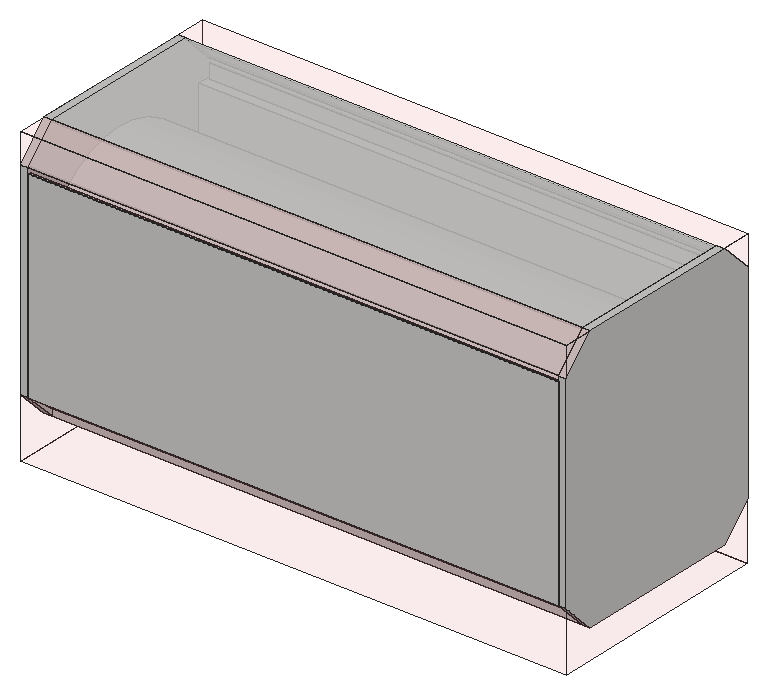
Revit family "Air-Curtain_Climate-Control_PoweredAire_ETD", category Mechanical Equipment, host Face, Revit 2022
Family settings
  Host = Face
  Round Connector Dimension = Use Diameter
  Part Type = Normal
  OmniClass Number = 23.75.35.17.21
  OmniClass Title = Air Curtains
  Cut with Voids When Loaded = No
  Maintain Annotation Orientation = No
  Shared = No
  Room Calculation Point = No
Parameters
  Warranty Duration (Years) = 0
  Unit Width Notes = "Other Widths available."  # constant formula
  Unit Width = 3' - 0"
  Unit Weight = 0
  Unit Height = 1' - 3"
  Unit Depth = 1' - 5 1/2"
  URL = "http://www.poweredaire.com/"
  Test Data = ""
  Temperature Rise_Range = "as Specified"
  Standards Conformance = "as Specified"
  Specification = "http://www.arcat.com/sdspecs/htm04/23_34_33pai.htm"
  SpecWizard = ""
  Sound Pressure = "as Specified"
  Sales Information = "http://www.poweredaire.com/contact_us"
  Revision = "R1_2016-08"
  Projection from Host [instance] = 0' - 2"
  Product Properties = ""
  Product Data = "http://www.arcat.com/arcatcos/cos47/arc47623.html"
  Power Rating = 0 W
  Outlet Volume_Range = "as Specified"
  Outlet Velocity_Range = "as Specified"
  Nozzle Width = if(1 = 1, Unit Width - 0' 1", 0' 0")  # 2' - 11"
  Mounting Width = if(1 = 1, Unit Width - 0' 0 15/16", 0' 0")  # 2' - 11 1/16"
  Mounting Height [instance] = 3' - 6"
  Motor RPM = 0
  Motor HP = 0
  Motor Count = 0
  Model = "As Specified"
  Max Height = 0' - 0"
  Manufacturer Website = "http://www.poweredaire.com/"
  Manufacturer Phone - Toll Free = "888-321-2473"
  Manufacturer Phone = "724-588-3305"
  Manufacturer Fax = "724-588-3371"
  Manufacturer Address = "109 Mortensen Rd.  Greenville, PA 16125"
  Manufacturer = "Powered Aire, Inc"
  Maintenance Schedule (Months) = 0
  Keynote = "23 34 33"
  Installation-Fabrication = ""
  Installation Phase = ""
  Include Clearance [instance] = yes
  Heating Element Load = 0 W
  HVAC_Temperature Rise [instance] = 0 °F
  HVAC_Outlet Volume [instance] = 0 CFM
  HVAC_Outlet Velocity Uniformity = 0
  HVAC_Outlet Velocity [instance] = 0 FPM
  Green Building-LEED = "http://www.arcat.com/green/clients/leed_data_47623.html"
  Front Grating Material [instance] = Metal - Steel - PoweredAire - Stainless 304 Perforated
  Frame Finish [instance] = Metal - Steel - PoweredAire - Stainless 304
  Expected Lifespan (Years) = 0
  Electrical_Wattage [instance] = Power Rating + Heating Element Load  # 0 W
  Electrical_Voltage [instance] = 0 V
  Electrical_Phase [instance] = 1
  Electrical_Frequency [instance] = 0 Hz
  Electrical_Amperage [instance] = 0 A
  Drawn By = "Sumex Design, Inc. / Robert S. Weygant, CSI, CDT, SCIP"
  Description = "Powered Aire Air Curtain as Specified"
  Default Elevation = 0' - 0"  # constant formula
  Copyright = "©Arcat Inc."
  Construction Details = "http://www.arcat.com/details/powair/prod3336.html"
  Clearance_Top [instance] = 0' - 0"
  Clearance_Side B [instance] = 0' - 0"
  Clearance_Side A [instance] = 0' - 0"
  Clearance_Intake [instance] = 0' - 0"
  Clearance_Bottom [instance] = 0' - 0"
  Clearance Material [instance] = ARCAT Clearance
  Building Codes = ""
  Available Options [instance] = "as Specified"
  Assembly Code = "D3090400"
Reference planes (in)
  plane 1 "Center (Elevation)": y = 0.13818
  plane 2: z = 0
  plane 3 "Center (Left/Right)": x = 0
  plane 4: y = 7.63818
  plane 5: y = -7.36182
  plane 6: x = -18
  plane 7: x = 18
  plane 8: z = 19.5
  plane 9 "FF": y = -41.86182
  plane 10: z = 2
  plane 11: x = 17.5
  plane 12: x = -17.5
  plane 13: y = 7.63818
  plane 14: y = -7.36182
  plane 15: x = -18
  plane 16: x = 18
  plane 17: z = 19.5
Forms (in)
  Extrusion 1, solid, material "Metal - Steel - PoweredAire - Stainless 304" <- "Frame Finish"
    sketch origin (0, 0, 0) x (0, 1, 0) y (0, 0, 1)
      loop
        line (5.69363, 2) -> (7.63818, 3.94454) -> (7.63818, 17.55546) -> (5.69363, 19.5) -> (-5.41728, 19.5) -> (-7.36182, 17.55546) -> (-7.36182, 3.94454) -> (-5.41728, 2) -> (5.69363, 2)
    from 17.5 to 18
  Extrusion 2, solid, material "Metal - Steel - PoweredAire - Stainless 304" <- "Frame Finish"
    sketch origin (0, 0, -0.5) x (0, 1, 0) y (0, 0, 1)
      loop
        circle (0.13818, 10.9739) r 6.25
      loop
        line (6.63818, 16.89427) -> (6.63818, 5.87829) -> (7.33849, 5.87829) -> (7.33849, 16.89427) -> (6.63818, 16.89427)
      loop
        line (-7.02798, 16.76927) -> (-7.02798, 5.75329) -> (-6.36182, 5.75329) -> (-6.36182, 16.76927) -> (-7.02798, 16.76927)
    from -17.5 to 17.5
  Extrusion 3, solid, material "Metal - Steel - PoweredAire - Stainless 304" <- "Frame Finish"
    sketch origin (0, 0, 0) x (0, 1, 0) y (0, 0, -1)
      loop
        line (5.69363, -2) -> (-5.41728, -2) -> (-7.36182, -3.94454) -> (-7.36182, -17.55546) -> (-5.41728, -19.5) -> (5.69363, -19.5) -> (7.63818, -17.55546) -> (7.63818, -3.94454) -> (5.69363, -2)
    from 17.5 to 18
  Extrusion 4, solid, material "Metal - Steel - PoweredAire - Stainless 304" <- "Frame Finish"
    sketch origin (0, 0, 0) x (0, 1, 0) y (0, 0, 1)
      loop
        line (-5.41728, 2) -> (5.69363, 2) -> (7.63818, 3.94454) -> (7.63818, 17.19454) -> (7.51318, 17.19454) -> (7.51318, 3.99632) -> (5.64186, 2.125) -> (-5.29228, 2.125) -> (-5.29228, 4.06954) -> (-7.23682, 4.06954) -> (-7.23682, 17.19454) -> (-7.36182, 17.19454) -> (-7.36182, 3.94454) -> (-5.41728, 3.94454) -> (-5.41728, 2)
      loop
        line (-6.64819, 3.61034) -> (-5.8702, 2.83235) -> (-5.74472, 2.95783) -> (-6.52271, 3.73583) -> (-6.64819, 3.61034)
    from -17.5 to 17.5
  Extrusion 5, solid, material "Metal - Steel - PoweredAire - Stainless 304 Perforated" <- "Front Grating Material"
    sketch origin (0, 0, 0) x (0, 1, 0) y (0, 0, 1)
      loop
        line (-7.36182, 17.19454) -> (-7.23682, 17.19454) -> (-7.23682, 17.50368) -> (-5.3655, 19.375) -> (5.64186, 19.375) -> (7.51318, 17.50368) -> (7.51318, 17.19454) -> (7.63818, 17.19454) -> (7.63818, 17.55546) -> (5.69363, 19.5) -> (-5.41728, 19.5) -> (-7.36182, 17.55546) -> (-7.36182, 17.19454)
    from -17.5 to 17.5
  Extrusion 6, solid, material "ARCAT Clearance" <- "Clearance Material", visible <- "Include Clearance"
    sketch origin (0, 0, 0) x (0, 1, 0) y (0, 0, 1)
      loop
        line (-7.36182, 19.5) -> (-7.36182, 0) -> (7.63818, 0) -> (7.63818, 19.5) -> (-7.36182, 19.5)
    from -18 to 18
Dimensions and locks (in)
  equal spacing: plane 4, plane 1 "Center (Elevation)", plane 5
  "Unit Height": plane 4 to plane 5
  equal spacing: plane 6, plane 3 "Center (Left/Right)", plane 7
  "Unit Width": plane 6 to plane 7
  "Mounting Height": plane 1 "Center (Elevation)" to plane 9 "FF"
  "Projection from Host": plane 10 to level
  "Unit Depth": plane 8 to plane 10
  locked: plane 6 to plane 12 at 0.5
  locked: plane 11 to plane 7 at 0.5
  "Clearance_Side A": plane 7 to plane 16
  "Clearance_Side B": plane 15 to plane 6
  "Clearance_Top": plane 13 to plane 4
  "Clearance_Bottom": plane 5 to plane 14
  "Clearance_Intake": plane 17 to plane 8
  aligned and locked: plane 2 to host face
  aligned and locked: level to host face
  aligned and locked: plane 7 to Extrusion 1
  aligned and locked: Extrusion 1 to plane 11
  aligned and locked: plane 12 to Extrusion 3
  aligned and locked: Extrusion 3 to plane 6
  aligned and locked: Extrusion 2 to plane 12
  aligned and locked: plane 11 to Extrusion 2
  aligned and locked: plane 11 to Extrusion 4
  aligned and locked: Extrusion 4 to plane 12
  aligned and locked: plane 11 to Extrusion 5
  aligned and locked: Extrusion 5 to plane 12
  aligned and locked: Extrusion 6 sketch curve to plane 17
  aligned and locked: plane 14 to Extrusion 6 sketch curve
  aligned and locked: level to Extrusion 6 sketch curve
  aligned and locked: Extrusion 6 sketch curve to plane 13
  aligned and locked: plane 16 to Extrusion 6
  aligned and locked: Extrusion 6 to plane 15
Automatic sketch dimensions
  host sketch curve to host sketch curve = 8' - 0"  (x2)
  Extrusion 1 sketch curve to plane 5 = 0' - 0"
  Extrusion 1 sketch curve to plane 8 = 0' - 0"
  Extrusion 1 sketch curve to plane 10 = 0' - 0"
  Extrusion 1 sketch curve to plane 4 = 0' - 0"
  plane 5 to Extrusion 1 sketch curve = 0' - 1.94454"  (x2)
  Extrusion 1 sketch curve to plane 4 = 0' - 1.94454"  (x2)
  plane 10 to Extrusion 1 sketch curve = 0' - 1.94454"  (x2)
  Extrusion 1 sketch curve to plane 8 = 0' - 1.94454"  (x2)
  Extrusion 2 sketch curve to plane 1 "Center (Elevation)" = 0' - 0"
  plane 5 to Extrusion 2 sketch curve = 0' - 1"
  plane 5 to Extrusion 2 sketch curve = 0' - 0.33384"
  Extrusion 2 sketch curve to plane 4 = 0' - 1"
  Extrusion 2 sketch curve to plane 4 = 0' - 0.29969"
  plane 10 to Extrusion 2 sketch curve = 0' - 3.37829"
  plane 10 to Extrusion 2 sketch curve = 0' - 3.25329"
  Extrusion 2 sketch curve to plane 8 = 0' - 9.0261"
  Extrusion 2 sketch curve to plane 8 = 0' - 3.23073"
  Extrusion 2 sketch curve to plane 8 = 0' - 3.10573"
  Extrusion 3 sketch curve to plane 5 = 0' - 0"
  Extrusion 3 sketch curve to plane 8 = 0' - 0"
  Extrusion 3 sketch curve to plane 10 = 0' - 0"
  Extrusion 3 sketch curve to plane 4 = 0' - 0"
  plane 5 to Extrusion 3 sketch curve = 0' - 1.94454"  (x2)
  Extrusion 3 sketch curve to plane 4 = 0' - 1.94454"  (x2)
  Extrusion 3 sketch curve to plane 8 = 0' - 1.94454"  (x2)
  plane 10 to Extrusion 3 sketch curve = 0' - 1.94454"  (x2)
  Extrusion 4 sketch curve to plane 5 = 0' - 0"
  Extrusion 4 sketch curve to plane 10 = 0' - 0"
  Extrusion 4 sketch curve to plane 4 = 0' - 0"
  plane 5 to Extrusion 4 sketch curve = 0' - 0 1/8"
  plane 5 to Extrusion 4 sketch curve = 0' - 0.71363"
  Extrusion 4 sketch curve to Extrusion 4 sketch curve = 0' - 0.12548"  (x2)
  Extrusion 4 sketch curve to Extrusion 4 sketch curve = 0' - 0.778"
  Extrusion 4 sketch curve to Extrusion 4 sketch curve = 0' - 0.32744"
  Extrusion 4 sketch curve to Extrusion 4 sketch curve = 0' - 0 1/8"  (x2)
  plane 10 to Extrusion 4 sketch curve = 0' - 0 1/8"
  Extrusion 4 sketch curve to plane 4 = 0' - 1.99632"
  Extrusion 4 sketch curve to Extrusion 4 sketch curve = 0' - 0.05178"  (x2)
  plane 10 to Extrusion 4 sketch curve = 0' - 0.83235"
  plane 10 to Extrusion 4 sketch curve = 0' - 1.94454"
  Extrusion 4 sketch curve to Extrusion 4 sketch curve = 0' - 0.3342"
  Extrusion 4 sketch curve to plane 4 = 0' - 0 1/8"
  Extrusion 4 sketch curve to plane 8 = 0' - 2.30546"  (x2)
  Extrusion 5 sketch curve to plane 5 = 0' - 0"
  Extrusion 5 sketch curve to plane 8 = 0' - 0"
  Extrusion 5 sketch curve to plane 4 = 0' - 0"
  plane 5 to Extrusion 5 sketch curve = 0' - 0 1/8"
  plane 5 to Extrusion 5 sketch curve = 0' - 1.94454"
  Extrusion 5 sketch curve to plane 8 = 0' - 0 1/8"
  Extrusion 5 sketch curve to Extrusion 5 sketch curve = 0' - 0.05178"  (x4)
  Extrusion 5 sketch curve to plane 4 = 0' - 1.99632"
  Extrusion 5 sketch curve to plane 8 = 0' - 1.94454"  (x2)
  Extrusion 5 sketch curve to Extrusion 5 sketch curve = 0' - 0 1/8"
  Extrusion 5 sketch curve to Extrusion 5 sketch curve = 0' - 0.30914"  (x2)
  radius of Extrusion 2 sketch curve = 0' - 6 1/4"
Connectors (in)
  electrical at (0, 7.63818, 10.56954), driven by "Electrical_Phase", driven by "Electrical_Voltage"
    settings: on Extrusion 4, index 1, voltage 0 V, apparent load 0 VA, apparent load phase1 0 VA, apparent load phase2 0 VA, apparent load phase3 0 VA, power factor 1, load classification "Motor", number of poles 1, system type 31, power factor state 1, is connector primary yes, connector utility no, sub classification motor no, connector description ""
